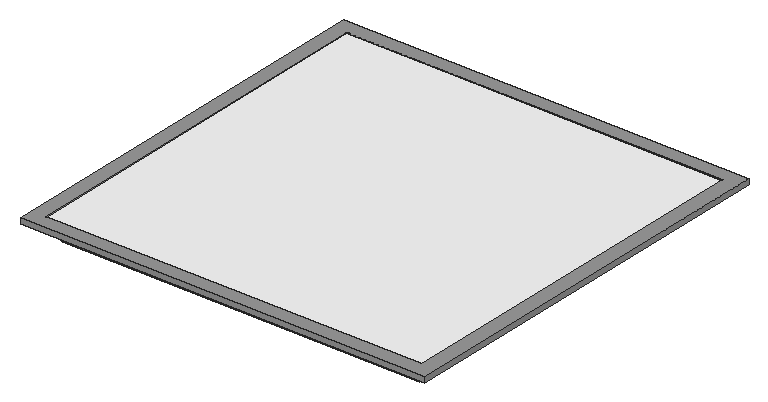
Revit family "0047669", category Lighting Fixtures, host Face, Revit 2017
Family settings
  Host = Face
  Round Connector Dimension = Use Diameter
  Part Type = Normal
  OmniClass Number = 23.80.70.00
  OmniClass Title = Lighting
  Cut with Voids When Loaded = No
  Light Source = Yes
  Shared = No
  Room Calculation Point = No
Parameters (values of type "0047669 START ECO PANEL 600X600 3200LM 830")
  Weight = "kg"
  Wattage Comments = ""
  Wattage = 36 W
  WarrantyStartDate [instance] = "n/a"
  WarrantyGuarantorParts = "n/a"
  WarrantyDurationUnit = "n/a"
  WarrantyDurationParts = "n/a"
  WarrantyDescription = "n/a"
  built-in parameter 1150110 = 1 (stored number, unit not read)
  Voltage = 0 V
  URL = "http://www.sylvania-lighting.com"
  TypeName = "START eco Panel 600x600 3200Lm 830"
  Type Image = <None>
  Type Comments = "n/a"
  built-in parameter 1114217 = 1 (stored number, unit not read)
  Tilt Angle = -90.00°
  built-in parameter 1150109 = 1 (stored number, unit not read)
  built-in parameter 1150134 = (empty or 0)
  built-in parameter 1150113 = 1 (stored number, unit not read)
  SerialNumber [instance] = "n/a"
  Photometric Web File = "0047669.ies"
  Material_3_SYL = none
  PowerFactor = 0.95
  PowerConsumption = "36 W"
  NominalLength = 595 mm
  NominalHeight = 34 mm
  NominalDepth = 595 mm
  Name = "START eco Panel 600x600 3200Lm 830"
  ModelReference = Name  # "START eco Panel 600x600 3200Lm 830"
  ModelNumber = "0047669"
  Model = Name  # "START eco Panel 600x600 3200Lm 830"
  Material = "al 6063 housing, ps diffuser"
  ManufacturerName = "Feilo Sylvania"
  Manufacturer = "Feilo Sylvania"
  LuminousEfficacy = "89 lm/W"
  built-in parameter 1150105 = 254.97 (stored number, unit not read)
  Lumens = 3204 lm
  LuminaireType = ""
  built-in parameter 1150115 = 1 (stored number, unit not read)
  LightOutputRatio = "n/a"
  built-in parameter 1150137 = (empty or 0)
  built-in parameter 1150139 = (empty or 0)
  LampsType = Lamp  # "LED"
  LampNominalLuminous = "3200 lm"
  LampMacAdamStep = "6"
  LampColourTemperature = "3000 K"
  LampColourRenderingIndex = "80"
  built-in parameter 1150112 = 1 (stored number, unit not read)
  built-in parameter 1150114 = 1 (stored number, unit not read)
  Lamp = "LED"
  Keynote = "16500"
  InstallationDate [instance] = "n/a"
  InputVoltage = "n/a"
  InputNominalFrequency = "n/a"
  built-in parameter 1150132 = (empty or 0)
  built-in parameter 1150102 = (empty or 0)
  built-in parameter 1150107 = 3000 (stored number, unit not read)
  built-in parameter 1150138 = (empty or 0)
  IngressProtection = "IP40/20"
  ImpactProtectionIndex = "IK03"
  built-in parameter 1150106 = 2.5497 (stored number, unit not read)
  IfcExportType = "IfcLightFixtureType"
  IfcExportAs = "IfcLightFixtureType"
  Emit from Rectangle Width = 553 mm
  Emit from Rectangle Length = 553 mm
  Emit Shape Visible in Rendering = no
  ElectricShockClassification = "Class II"
  built-in parameter 1150104 = 8.2684 (stored number, unit not read)
  DocumentationLiterature = "http://www.sylvania-lighting.com/product/en-int/products/0047669"
  DimmingControlOptions = "n/a"
  Material_2_SYL = LED
  Dimming Lamp Color Temperature Shift = <None>
  Description = ""
  Default Elevation = 1219.2 mm
  CreatedOn = "6/25/2019"
  CreatedBy = "@sylvania-lighting.com"
  Cost = 0
  Color Filter = 16777215
  built-in parameter 1114216 [instance] = (empty or 0)
  ClassificationValue = "EF_70_80"
  ClassificationName = "Uniclass2015"
  Material_1_SYL = PC/ABS Plastic
  BarCode [instance] = "n/a"
  built-in parameter 1114218 = 1 (stored number, unit not read)
  built-in parameter 1150133 = 10 (stored number, unit not read)
  AssetType = "Fixed"
  AssetIdentifier [instance] = "n/a"
  Assembly Code = "D5020200"
  Apparent Load = 36 VA
  Material_4_SYL = none
Reference planes
  plane 1 "Center (Front/Back)": y = 0
  plane 2: z = 0
  plane 3 "Center (Left/Right)": x = 0
  plane 4: z = 8
  plane 5: z = -26
  plane 6: z = -56
  plane 7: x = 297.5
  plane 8: x = -297.5
  plane 9: y = 297.5
  plane 10: y = -297.5
  plane 11: y = 276.5
  plane 12: y = -276.5
  plane 13: x = -276.5
  plane 14: x = 276.5
  plane 15: x = -275
  plane 16: x = 275
  plane 17: y = -275
  plane 18: y = 275
  plane 19: x = 263
  plane 20: x = -263
  plane 21: y = -263
  plane 22: y = 263
  plane 23: z = 7
  plane 24: z = -100
Forms (mm)
  Extrusion 1, void
    sketch origin (0, 0, 0) x (1, 0, 0) y (0, 1, 0)
      loop
        line (-275, 275) -> (-275, -275) -> (275, -275) -> (275, 275) -> (-275, 275)
    from 0 to -100
  Extrusion 2, solid, material "PC/ABS Plastic" <- "Material_1_SYL"
    sketch origin (0, 0, 0) x (1, 0, 0) y (0, 1, 0)
      loop
        line (-297.5, -297.5) -> (297.5, -297.5) -> (297.5, 297.5) -> (-297.5, 297.5) -> (-297.5, -297.5)
    from 0 to 8
  Extrusion 3, void
    sketch origin (1223.4, -4572, 8) x (-1, 0, 0) y (0, -1, 0)
      loop
        line (1499.9, -4848.5) -> (1499.9, -4295.5) -> (946.9, -4295.5) -> (946.9, -4848.5) -> (1499.9, -4848.5)
    from 0 to -1
  Blend 4, solid, material "PC/ABS Plastic" <- "Material_1_SYL"
    base sketch origin (0, 0, 0) x (1, 0, 0) y (0, 1, 0)
      loop
        line (-275, -275) -> (275, -275) -> (275, 275) -> (-275, 275) -> (-275, -275)
    top sketch origin (0, 0, 0) x (1, 0, 0) y (0, 1, 0)
      loop
        line (-263, -263) -> (263, -263) -> (263, 263) -> (-263, 263) -> (-263, -263)
    from 0 to -26
Cuts and joins
  Extrusion 3 cuts Extrusion 2
Dimensions and locks
  equal spacing: plane 8, plane 3 "Center (Left/Right)", plane 7
  locked: plane 8 to plane 7 at 595
  equal spacing: plane 10, plane 1 "Center (Front/Back)", plane 9
  locked: plane 10 to plane 9 at 595
  equal spacing: plane 13, plane 3 "Center (Left/Right)", plane 14
  locked: plane 13 to plane 14 at 553
  equal spacing: plane 12, plane 1 "Center (Front/Back)", plane 11
  locked: plane 12 to plane 11 at 553
  equal spacing: plane 17, plane 1 "Center (Front/Back)", plane 18
  locked: plane 17 to plane 18 at 550
  equal spacing: plane 15, plane 3 "Center (Left/Right)", plane 16
  locked: plane 15 to plane 16 at 550
  equal spacing: plane 21, plane 1 "Center (Front/Back)", plane 22
  locked: plane 21 to plane 22 at 526
  equal spacing: plane 20, plane 3 "Center (Left/Right)", plane 19
  locked: plane 20 to plane 19 at 526
  locked: plane 4 to plane 23 at 1
  locked: plane 4 to plane 2 at 8
  plane 2 to plane 5 to plane 6 = 26 mm locked, 30 mm locked
  locked: plane 2 to plane 24 at 100
  aligned and locked: plane 2 to host face
  aligned and locked: level to host face
  aligned and locked: plane 18 to Extrusion 1 sketch curve
  aligned and locked: plane 15 to Extrusion 1 sketch curve
  aligned and locked: Extrusion 1 sketch curve to plane 17
  aligned and locked: Extrusion 1 sketch curve to plane 16
  aligned and locked: level to Extrusion 1
  aligned and locked: plane 10 to Extrusion 2 sketch curve
  aligned and locked: Extrusion 2 sketch curve to plane 8
  aligned and locked: Extrusion 2 sketch curve to plane 9
  aligned and locked: plane 7 to Extrusion 2 sketch curve
  aligned and locked: Extrusion 2 to level
  aligned and locked: Extrusion 2 to plane 4
  aligned and locked: plane 11 to Extrusion 3 sketch curve
  aligned and locked: plane 13 to Extrusion 3 sketch curve
  aligned and locked: Extrusion 3 sketch curve to plane 12
  aligned and locked: Extrusion 3 sketch curve to plane 14
  aligned and locked: plane 23 to Extrusion 3
  aligned and locked: Extrusion 3 to plane 4
  aligned and locked: plane 17 to Blend 4 sketch curve
  aligned and locked: Blend 4 sketch curve to plane 15
  aligned and locked: Blend 4 sketch curve to plane 18
  aligned and locked: plane 16 to Blend 4 sketch curve
  aligned and locked: plane 21 to Blend 4 sketch curve
  aligned and locked: Blend 4 sketch curve to plane 20
  aligned and locked: Blend 4 sketch curve to plane 22
  aligned and locked: plane 19 to Blend 4 sketch curve
  aligned and locked: plane 5 to Blend 4
  aligned and locked: level to Blend 4
  aligned and locked: Extrusion 1 to plane 24
  aligned and locked: imposter light to plane 23
  aligned and locked: plane 3 "Center (Left/Right)" to imposter light
  aligned and locked: imposter light to plane 1 "Center (Front/Back)"
Automatic sketch dimensions
  host sketch curve to host sketch curve = 800 mm  (x2)
Connectors
  electrical at (0, 0, 8), driven by "Voltage", driven by "Apparent Load", driven by "PowerFactor"
    settings: on cut or joined group of Extrusion 2, Extrusion 3, index 1, voltage 0 V, apparent load 36 VA, apparent load phase1 0 VA, apparent load phase2 0 VA, apparent load phase3 0 VA, power factor 0.95, load classification "Other", number of poles 1, system type 30, power factor state 1, is connector primary yes, connector utility no, sub classification motor no, connector description ""
